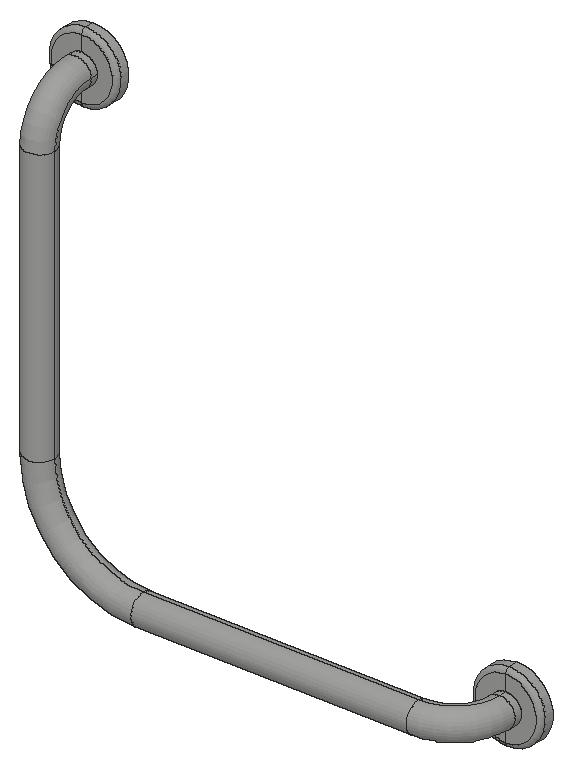
Revit family "RBA4806-450", category Plumbing Fixtures, Revit 2021
Family settings
  Round Connector Dimension = Use Diameter
  Part Type = Normal
  Work Plane-Based = No
  Always vertical = Yes
  Cut with Voids When Loaded = No
  Shared = Yes
  Room Calculation Point = No
Parameters
  Watermarked By = "www.rba.com.au"
  URL = "www.rba.com.au"
  Phone Number = ""
  OFFSET [instance] = 800.00 mm
  Modified Issue = "20180918.01"
  Model = "RBA4090-450"
  Materials and Finishes = Brushed Gunmetal
  Manufacturer = "RBA Group"
  Lgth = 900.00 mm
  Diameter = 32.00 mm
  Description = "90° Ambulant Angled Grab Rail"
  Default Elevation = 0.00 mm
  Copyrighted by = "RBA Group"  # constant formula
Reference planes
  plane 1 "Center (Front/Back)": y = 0
  plane 2: z = 0
  plane 3 "Center (Left/Right)": x = 0
  plane 4: z = 800
  plane 5: z = 784
  plane 6: z = 1234
  plane 7: y = -55
  plane 8: y = -71
  plane 9: y = -87
  plane 10: x = -16
Forms (mm)
  Revolve 1, solid, material "Brushed Gunmetal" <- "Materials and Finishes"
    sketch origin (159.282, 0, 0.016) x (0, 1, 0) y (0, 0, -1)
      loop
        line (-14.798, -1233.984) -> (-14.798, -1249.984)
        arc (-14.798, -1249.984) -> (-14.721, -1258.245) -> (-14.663, -1266.534) r 3642.758
        arc (-14.663, -1266.534) -> (-13.194, -1270.036) -> (-9.683, -1271.484) r 4.979
        line (-9.683, -1271.484) -> (0, -1271.484) -> (0, -1233.984) -> (-14.798, -1233.984)
      axis (0, -1233.984) -> (-14.798, -1233.984)
    angle from 0 to 360
  Extrusion 2, void
    sketch origin (159.282, 0, 0) x (-1, 0, 0) y (0, 0, -1)
      loop
        circle (0, -1234) r 36
    from 0 to 2.847
  Sweep 3, solid, material "Brushed Gunmetal" <- "Materials and Finishes"
    path origin (159.282, 0, 0) x (0, 1, 0) y (0, 0, -1)
      loop
        line (-14.798, -1234) -> (-23, -1234)
        arc (-23, -1234) -> (-56.941, -1219.941) -> (-71, -1186) r 48
    profile origin (159.282, -18.899, 1234) x (0, 0, 1) y (-1, 0, 0)
      loop
        circle (0, 0) r 16
  Revolve 4, solid, material "Brushed Gunmetal" <- "Materials and Finishes"
    sketch origin (609.282, 0, -449.984) x (0, 1, 0) y (0, 0, -1)
      loop
        line (-14.798, -1233.984) -> (-14.798, -1249.984)
        arc (-14.798, -1249.984) -> (-14.721, -1258.245) -> (-14.663, -1266.534) r 3642.758
        arc (-14.663, -1266.534) -> (-13.194, -1270.036) -> (-9.683, -1271.484) r 4.979
        line (-9.683, -1271.484) -> (0, -1271.484) -> (0, -1233.984) -> (-14.798, -1233.984)
      axis (0, -1233.984) -> (-14.798, -1233.984)
    angle from 0 to 360
  Extrusion 5, void
    sketch origin (609.282, 0, -450) x (-1, 0, 0) y (0, 0, -1)
      loop
        circle (0, -1234) r 36
    from 0 to 2.847
  Sweep 6, solid, material "Brushed Gunmetal" <- "Materials and Finishes"
    path origin (-624.718, 0, 784) x (0, 1, 0) y (-1, 0, 0)
      loop
        line (-14.798, -1234) -> (-23, -1234)
        arc (-23, -1234) -> (-56.941, -1219.941) -> (-71, -1186) r 48
    profile origin (609.282, -18.899, 784) x (1, 0, 0) y (0, 0, 1)
      loop
        circle (0, 0) r 16
  Sweep 7, solid, material "Brushed Gunmetal" <- "Materials and Finishes"
    path origin (159.282, -71, 0) x (-1, 0, 0) y (0, 0, -1)
      loop
        line (0, -1186) -> (0, -894)
        arc (0, -894) -> (-32.218, -816.218) -> (-110, -784) r 110
        line (-110, -784) -> (-402, -784)
    profile origin (159.282, -71, 1040) x (0, -1, 0) y (1, 0, 0)
      loop
        circle (0, 0) r 16
  Extrusion 8, void
    sketch origin (0, 0, 0) x (1, 0, 0) y (0, 0, 1)
      loop
        circle (131.782, 1234) r 5
      loop
        circle (186.782, 1234) r 5
      loop
        circle (581.782, 784) r 5
      loop
        circle (636.782, 784) r 5
    from 2.85 to 5.82
Cuts and joins
  Extrusion 2, Extrusion 8 cuts Revolve 1
  Extrusion 5, Extrusion 8 cuts Revolve 4
  joined: Sweep 3, Sweep 6, Sweep 7
Dimensions and locks
  plane 6 to plane 5 = 450.00 mm
  aligned and locked: level to plane 2
